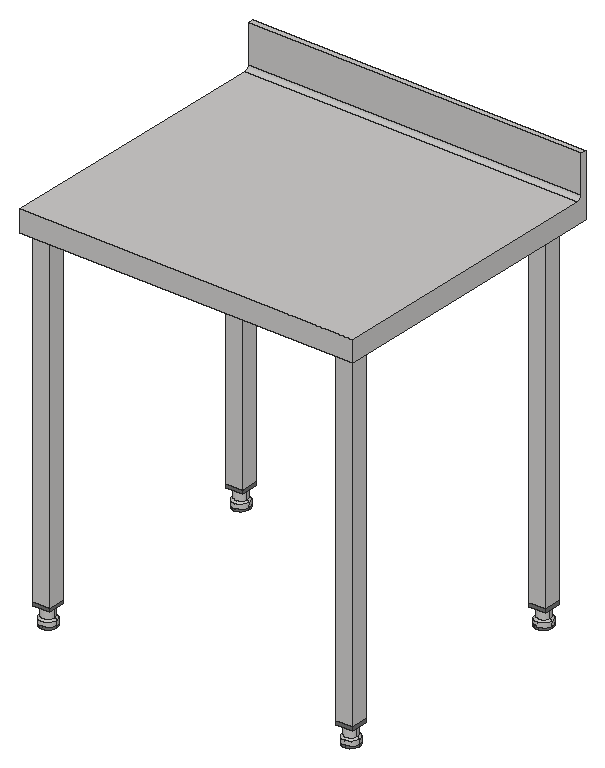
Revit family "QF_ELECTROLUXPROFESSIONAL_133230_TG800UN", category Attrezzature speciali, Revit 2020
Family settings
  Quota connettore circolare = Usa diametro
  Tipo di parte = Normale
  Basato su piano di lavoro = No
  Sempre verticale = Sì
  Taglio con vuoti quando caricato = No
  Condiviso = No
  Punto di calcolo locali = No
Parameters (values of type "Standard")
  Weight = 27.00 kg
  Watts = 0 W
  Volts = 0 V
  URL Manufacturer = "https://www.electroluxprofessional.com/"
  URL = "https://www.electroluxprofessional.com/"
  Steam Supply Size = 0 mm
  Steam Supply Minimum Pressure = 0.0 Pa
  Steam Supply Maximum Pressure = 0.0 Pa
  Steam Consumption per Hour = 0
  Refrigeration Suction Line Size = 0.0 mm
  Refrigeration Liquid Line Size = 0.0 mm
  Refrigerant Compressor Remote = yes
  Prospetto di default = 0.0 mm
  Produttore = "Electrolux Professional"
  Phase = 0
  Modello = "TG800UN"
  Length Actual = 800.0 mm  # constant formula
  Item Number = "133230"
  Hot Water Size = 0 mm
  Height Actual = 1000.0 mm  # constant formula
  HP = "0 HP"
  Gas Size = 0 mm
  Gas KW = 0
  Gas Input Pressure = 0 W
  Direct Waste Size = 0 mm
  Descrizione = "WORK TABLE WITH UPSTAND 800 MM"
  Depth Actual = 700.0 mm  # constant formula
  Cycle = 0 Hz
  Condensate Return Size = 0 mm
  Compressed Air Volume = 0.0 L/s
  Compressed Air Size = 0 mm
  Compressed Air Pressure = 0.0 Pa
  Cold Water Size = 0 mm
  Accessory = yes
Reference planes
  plane 1 "Center (Front/Back)": y = 0
  plane 2: z = 0
  plane 3 "Center (Left/Right)": x = 100
  plane 4 "LEFT": x = -300
  plane 5 "RIGHT": x = 500
  plane 6 "BACK": y = 350
  plane 7 "FRONT": y = -350
  plane 8 "Base": z = 850
  plane 9 "TOP": z = 900
  plane 10: x = -264.5
  plane 11: x = 464.5
  plane 12: y = 269.5
  plane 13: y = -310.5
Forms (mm)
  Extrusion 1, solid, material "QF_Finishes_Stainless Steel"
    sketch origin (100, 0, 0) x (0, 1, 0) y (0, 0, 1)
      loop
        line (-350, 850) -> (350, 850) -> (350, 1000) -> (337, 1000) -> (337, 910)
        arc (337, 910) -> (334.071, 902.929) -> (327, 900) r 10
        line (327, 900) -> (-350, 900) -> (-350, 850)
    from 400 to -400
Lines and regions (mm)
  symbolic lines
    curve 1: line (500, 350, 900) -> (-300, 350, 900)
    curve 2: line (-300, 350, 900) -> (-300, -350, 900)
    curve 3: line (-300, -350, 900) -> (500, -350, 900)
    curve 4: line (500, -350, 900) -> (500, 350, 900)
    curve 5: line (500, 337, 900) -> (-300, 337, 900)
Dimensions and locks
  plane 4 "LEFT" to plane 5 "RIGHT" = 800.0 mm
  equal spacing: plane 4 "LEFT", plane 3 "Center (Left/Right)", plane 5 "RIGHT"
  locked: plane 8 "Base" to level at 850
  plane 4 "LEFT" to plane 10 = 35.5 mm
  plane 11 to plane 5 "RIGHT" = 35.5 mm
  plane 10 to plane 11 = 729.0 mm
  locked: Extrusion 1 to level at 1000
  plane 9 "TOP" to level = 900.0 mm
  plane 6 "BACK" to plane 12 = 80.5 mm
  plane 13 to plane 7 "FRONT" = 39.5 mm
  plane 6 "BACK" to plane 7 "FRONT" = 700.0 mm
  plane 12 to plane 13 = 580.0 mm
  equal spacing: plane 6 "BACK", plane 1 "Center (Front/Back)", plane 7 "FRONT"
  aligned and locked: level to plane 2
  aligned and locked: plane 10 to nested 1
  aligned and locked: nested 1 to plane 13
  aligned and locked: plane 11 to nested 2
  aligned and locked: nested 2 to plane 13
  aligned and locked: plane 11 to nested 4
  aligned and locked: nested 4 to plane 12
  aligned and locked: plane 10 to nested 3
  aligned and locked: nested 3 to plane 12
  aligned and locked: Extrusion 1 to plane 4 "LEFT"
  aligned and locked: plane 5 "RIGHT" to Extrusion 1
  aligned and locked: curve 2 to plane 4 "LEFT"
Automatic sketch dimensions
  Extrusion 1 sketch curve to plane 7 "FRONT" = 0.0 mm
  Extrusion 1 sketch curve to plane 9 "TOP" = 0.0 mm
  Extrusion 1 sketch curve to plane 6 "BACK" = 0.0 mm
  Extrusion 1 sketch curve to plane 8 "Base" = 0.0 mm
  plane 9 "TOP" to Extrusion 1 sketch curve = 10.0 mm
  Extrusion 1 sketch curve to plane 6 "BACK" = 13.0 mm
  Extrusion 1 sketch curve to Extrusion 1 sketch curve = 90.0 mm
  curve 3 to plane 7 "FRONT" = 0.0 mm
  curve 5 to plane 5 "RIGHT" = 0.0 mm
  curve 4 to plane 6 "BACK" = 0.0 mm
  curve 5 to plane 6 "BACK" = 13.0 mm
Nested families
  nested 1: "FEET_40x40_APP42" at (-264.5, -310.5, 0), type "FEET_40x40_APP42"
  nested 2: "FEET_40x40_APP42" at (464.5, -310.5, 0), type "FEET_40x40_APP42"
  nested 3: "FEET_40x40_APP42" at (-264.5, 269.5, 0), type "FEET_40x40_APP42"
  nested 4: "FEET_40x40_APP42" at (464.5, 269.5, 0), type "FEET_40x40_APP42"
Definition of nested family "FEET_40x40_APP42"
  Parameters
    Default Elevation = 0.0 mm
    FEET = 850.0 mm
  Reference planes
    plane 1 "Center (Front/Back)": y = 0
    plane 2: z = 0
    plane 3 "Center (Left/Right)": x = 0
    plane 4: z = 850
  Forms (mm)
    Extrusion 1, solid
      sketch origin (0, 0, 0) x (1, 0, 0) y (0, 1, 0)
        loop
          line (-20, -20) -> (20, -20) -> (20, 20) -> (-20, 20) -> (-20, -20)
      from 50 to 845
    Extrusion 2, solid
      sketch origin (0, 0, 0) x (1, 0, 0) y (0, 1, 0)
        loop
          circle (0, 0) r 20
      from 0 to 5
    Extrusion 3, solid
      sketch origin (0, 0, 0) x (1, 0, 0) y (0, 1, 0)
        loop
          line (30, 30) -> (-30, 30) -> (-30, -30) -> (30, -30) -> (30, 30)
      from 845 to 850
    Extrusion 4, solid
      sketch origin (0, 0, 0) x (1, 0, 0) y (0, 1, 0)
        loop
          line (-20, -20) -> (20, -20) -> (20, 20) -> (-20, 20) -> (-20, -20)
      from 50 to 42
    Revolve 5, solid
      sketch origin (0, 0, 0) x (1, 0, 0) y (0, 0, 1)
        loop
          line (0, 42) -> (-15, 42) -> (-15, 20) -> (-20, 15) -> (-20, 5) -> (0, 5) -> (0, 42)
        axis (0, 42) -> (0, 5)
      angle from 0 to 360
  Lines and regions (mm)
    symbolic lines
      curve 1: line (0, -1.503, 0) -> (0, 1.508, 0)
      curve 2: line (1.561, 0, 0) -> (-1.439, 0, 0)
  Dimensions and locks
    "FEET": plane 4 to plane 2
    aligned and locked: level to plane 2
  Automatic sketch dimensions
    plane 1 "Center (Front/Back)" to curve 2 = 0.0 mm
    curve 1 to plane 3 "Center (Left/Right)" = 0.0 mm
    curve 2 to plane 3 "Center (Left/Right)" = 1.439 mm
    plane 3 "Center (Left/Right)" to curve 2 = 1.561 mm
    plane 1 "Center (Front/Back)" to curve 1 = 1.503 mm
    curve 1 to plane 1 "Center (Front/Back)" = 1.508 mm
    Extrusion 1 sketch curve to plane 3 "Center (Left/Right)" = 20.0 mm
    plane 3 "Center (Left/Right)" to Extrusion 1 sketch curve = 20.0 mm
    plane 1 "Center (Front/Back)" to Extrusion 1 sketch curve = 20.0 mm
    Extrusion 1 sketch curve to plane 1 "Center (Front/Back)" = 20.0 mm
    plane 1 "Center (Front/Back)" to Extrusion 2 sketch curve = 0.0 mm
    Extrusion 2 sketch curve to plane 3 "Center (Left/Right)" = 0.0 mm
    Extrusion 3 sketch curve to plane 3 "Center (Left/Right)" = 30.0 mm
    plane 3 "Center (Left/Right)" to Extrusion 3 sketch curve = 30.0 mm
    plane 1 "Center (Front/Back)" to Extrusion 3 sketch curve = 30.0 mm
    Extrusion 3 sketch curve to plane 1 "Center (Front/Back)" = 30.0 mm
    Extrusion 4 sketch curve to plane 3 "Center (Left/Right)" = 20.0 mm
    plane 3 "Center (Left/Right)" to Extrusion 4 sketch curve = 20.0 mm
    plane 1 "Center (Front/Back)" to Extrusion 4 sketch curve = 20.0 mm
    Extrusion 4 sketch curve to plane 1 "Center (Front/Back)" = 20.0 mm
    Revolve 5 sketch curve to plane 3 "Center (Left/Right)" = 0.0 mm  (x2)
    Revolve 5 sketch curve to plane 3 "Center (Left/Right)" = 15.0 mm
    Revolve 5 sketch curve to Revolve 5 sketch curve = 5.0 mm  (x3)
    level to Revolve 5 sketch curve = 5.0 mm
    Revolve 5 sketch curve to Revolve 5 sketch curve = 10.0 mm
    Revolve 5 sketch curve to Revolve 5 sketch curve = 22.0 mm
    Revolve 5 sketch curve to level = 9.561 mm
    radius of Extrusion 2 sketch curve = 20.0 mm
